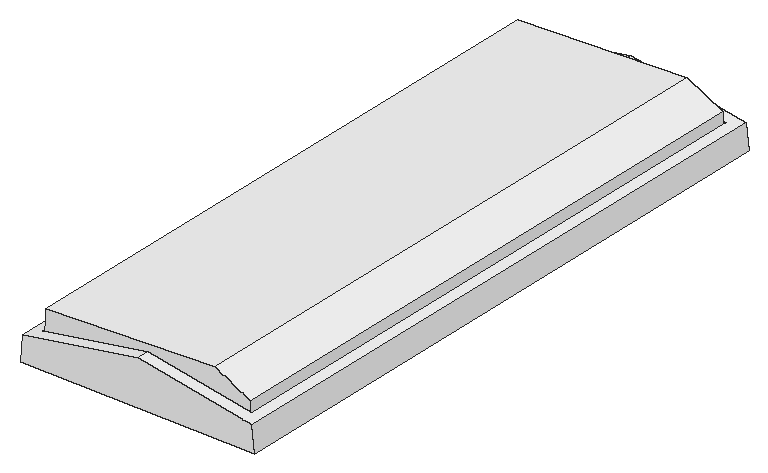
Revit family "JC KONTAKTER JCK109 FI", category Specialty Equipment, host Face, Revit 2025
Family settings
  Host = Face
  Round Connector Dimension = Use Diameter
  Part Type = Normal
  Enable Cutting in Views = Yes
  Cut with Voids When Loaded = No
  Maintain Annotation Orientation = Yes
  Shared = No
  Room Calculation Point = No
Parameters (values of type "JCK109")
  Valmistusmaa = "Ruotsi"
  URL = "https://www.jckontakter.fi/produkt/kyynarkytkin/kyynarkytkin-muovi/kyynarkytkin-jck109/"
  Tuotteen paino = "0.216 kg"
  Tekniken tuotekortti = "https://www.jckontakter.fi/wp-content/uploads/sites/4/Tekninen-tuotekortti_JCK109.245_FI-1.pdf"
  Pienin nimellisvirta = "12V Resistiivinen 6A Induktiivinen L/R 5ms 6A, 24V Resistiivinen 6A Induktiivinen L/R 5ms 5A"
  Nimellisestä nimellisvirrasta = "1mA/4 V DC"
  Model = "JCK109"
  Mikrokytkin = "Standar NO IP67"
  Mikrokytkimien määrä = 1
  Manufacturer = "JC Kontakter"
  Kansi = ABS 750SW (Valkoinen)
  Description = "Tämä kyynärkytkin on valmistettu iskunkestävästä ABS-muovista ja siinä on litteä painopinta. Tässä mallissa on valkoinen painopinta ja valkoinen kehys. Se on ensisijaisesti suunniteltu sisäkäyttöön, mutta sitä voidaan käyttää myös ulkona, sillä siinä on kosteussuojattu mikrokytkin, jonka IP-luokitus on 67."
  Default Elevation = 800 mm
  Kotelo = ABS 750SW (Valkoinen)
  CE asiakirja = "https://jckontakter.se/wp-content/uploads/CE_Dokument.pdf"
Reference planes
  plane 1 "Center (Front/Back)": y = 0
  plane 2: z = 0
  plane 3 "Center (Left/Right)": x = 0
  plane 4 "A": y = -122.5
Lines and regions (mm)
  symbolic lines
    curve 1: line (-50, 0, 50) -> (50, 0, 50)
    curve 2: line (-50, 0, 0) -> (-50, 0, 50)
    curve 3: line (50, 0, 0) -> (-50, 0, 0)
    curve 4: line (50, 0, 50) -> (50, 0, 0)
    curve 5: line (-40, 117.5, 0) -> (40, 117.5, 0)
    curve 6: line (-40, -122.5, 0) -> (-40, 117.5, 0)
    curve 7: line (40, -122.5, 0) -> (-40, -122.5, 0)
    curve 8: line (40, 117.5, 0) -> (40, -122.5, 0)
Text (mm)
  text "Poista tämä tunniste ennen käyttöä.\n\nSijoitusohjeet:\n\n1. Lataa projektiin.\n2. Vie kursori sen pinnan päälle, johon perhe tullaan sijoittamaan.\n3. Jos perhe näkyy kiertyneenä, valitse asetus \"kierrä sijoittamisen jälkeen\".\n4. Napsauta haluttua pintaa.\n5. Kirjoita haluttu kulma.\n6. Paina Enter." at (123.173, 1072.34, 0), in view "Ref. Level"
Dimensions and locks
  aligned and locked: plane 2 to host face
  aligned and locked: level to host face
Nested families
  nested 1: "AK_109" at (0, -122.5, 0) x (1, 0, 0) z (0, 1, 0), type "AK_109"
Definition of nested family "AK_109"
  Parameters (values of type "AK_109")
    URL = "https://jckontakter.se/produkt/armbagskontakter/armbagskontakt-jck109/"
    Model = "JCK109"  # constant formula
    Manufacturer = "JC Kontakter"  # constant formula
    Lid Finish = none
    Default Elevation = 1219.2 mm
    Core Finish = none
    Description = "Robust armbågskontakt i tålig ABS-plast, med vitt lock och vit underdel.\r\nJCK109 levereras med 1st mikrobrytare i IP67, men går även att beställa med fler."  # constant formula
  Reference planes
    plane 1 "Center (Front/Back)": y = 0
    plane 2: z = 0
    plane 3 "Center (Left/Right)": x = 0
    plane 4 "1": x = 47.5
    plane 5 "A": z = 5
    plane 6 "B": z = 245
  Forms (mm)
    Extrusion 1, solid, material <- "Core Finish"
      sketch origin (0, 0, 0) x (1, 0, 0) y (0, 1, 0)
        loop
          line (-47.5, 0) -> (-46.5, -10) -> (0, -18) -> (46.5, -10) -> (47.5, 0) -> (-47.5, 0)
      from 0 to 250
    Extrusion 2, void
      sketch origin (0, 0, 0) x (1, 0, 0) y (0, 1, 0)
        loop
          line (-42.5, -4) -> (-42.5, -18.223) -> (42.5, -18.223) -> (42.5, -4) -> (-42.5, -4)
      from 5 to 245
    Extrusion 3, solid, material <- "Lid Finish"
      sketch origin (0, 0, 5) x (-1, 0, 0) y (0, -1, 0)
        loop
          line (-42, 6) -> (42, 6) -> (41.473, 18.808) -> (-26.802, 21.808) -> (-41.637, 14.808) -> (-42, 6)
      from 0.5 to 239.5
  Cuts and joins
    Extrusion 2 cuts Extrusion 1
  Dimensions and locks
    aligned and locked: level to plane 2
